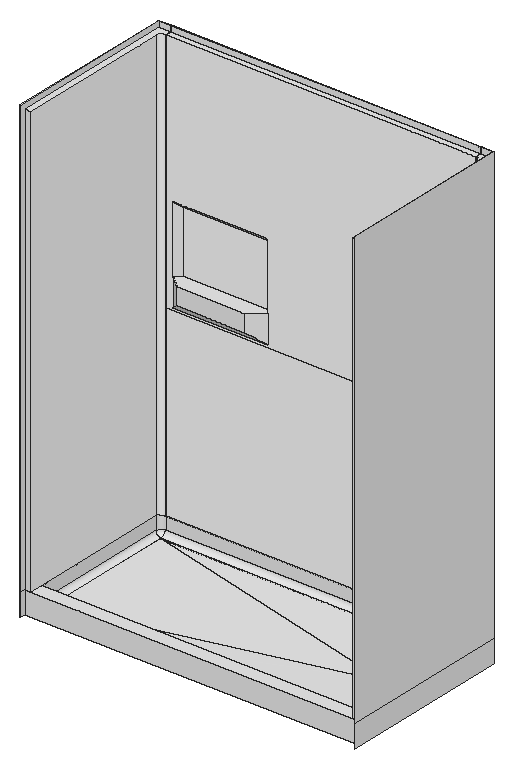
Revit family "5LDS6030L-R", category Plumbing Fixtures, Revit 2017
Family settings
  Round Connector Dimension = Use Diameter
  Part Type = Normal
  OmniClass Number = 23.45.05.14.17
  OmniClass Title = Showers
  Work Plane-Based = No
  Always vertical = Yes
  Cut with Voids When Loaded = No
  Shared = No
  Room Calculation Point = No
Parameters (values of type "5LDS6030L/R")
  Unit Width = 60"
  Unit Height = 82"
  Unit Depth = 31"
  URL = "http://www.bestbath.com/"
  Type Comments = "Remodeler"
  Model = "5LDS6030L/R"
  Material [instance] = Best Bath Gelcoat Fiberglass - Diamond Tile
  Manufacturer = "Best Bath Systems, Inc."
  Keynote = "22 40 00.B3"
  Description = "Diamond Tile Finish"
  Assembly Code = "D2010710"
Reference planes (in)
  plane 1 "Back": y = -0.5
  plane 2: z = 0
  plane 3 "Left": x = 0
  plane 4: x = 60
  plane 5: y = -30.5
  plane 6: z = 81
  plane 7: z = 0.75
  plane 8: z = 82
  plane 9: x = 51.5
  plane 10: y = -1.75
  plane 11: y = -14.5
  plane 12: z = 0.375
  plane 13: z = 4
  plane 14: z = 37.25
  plane 15: y = -31.5
  plane 16: z = 42.75
Forms (in)
  Extrusion 1, solid, material "Best Bath Gelcoat Fiberglass - Smooth"
    sketch origin (0, 0, 0) x (1, 0, 0) y (0, 1, 0)
      loop
        line (0, -0.5) -> (0, -30.5) -> (60, -30.5) -> (60, -0.5) -> (0, -0.5)
      loop
        circle (51.5, -14.5) r 1.5
    from 0 to 0.75
  Extrusion 2, solid, material "Best Bath Gelcoat Fiberglass - Smooth"
    sketch origin (0, 0, 0) x (1, 0, 0) y (0, 1, 0)
      loop
        line (2.25, -0.5) -> (2.25, -1.75) -> (57.75, -1.75) -> (57.75, -0.5) -> (2.25, -0.5)
    from 4 to 37.25
  Extrusion 3, solid, material "Best Bath Gelcoat Fiberglass - Smooth"
    sketch origin (0, 0, 0) x (1, 0, 0) y (0, 1, 0)
      loop
        line (0, -30.5) -> (1.25, -30.5) -> (1.25, -2.75)
        arc (1.25, -2.75) -> (1.54289, -2.04289) -> (2.25, -1.75) r 1
        line (2.25, -1.75) -> (57.75, -1.75)
        arc (57.75, -1.75) -> (58.45711, -2.04289) -> (58.75, -2.75) r 1
        line (58.75, -2.75) -> (58.75, -30.5) -> (60, -30.5) -> (60, -0.5) -> (0, -0.5) -> (0, -30.5)
    from 0 to 4
  Extrusion 4, solid, material "Best Bath Gelcoat Fiberglass - Smooth"
    sketch origin (0, 0, 0) x (1, 0, 0) y (0, 1, 0)
      loop
        line (0, -30.5) -> (1.25, -30.5) -> (1.25, -2.75)
        arc (1.25, -2.75) -> (1.54289, -2.04289) -> (2.25, -1.75) r 1
        line (2.25, -1.75) -> (2.25, -0.5) -> (0, -0.5) -> (0, -30.5)
      loop
        line (58.75, -30.5) -> (60, -30.5) -> (60, -0.5) -> (57.75, -0.5) -> (57.75, -1.75)
        arc (57.75, -1.75) -> (58.45711, -2.04289) -> (58.75, -2.75) r 1
        line (58.75, -2.75) -> (58.75, -30.5)
    from 4 to 81
  Sweep 5, solid, material "Best Bath Gelcoat Fiberglass - Smooth"
    path origin (0, 0, 0) x (1, 0, 0) y (0, 1, 0)
      loop
        line (1.25, -30.5) -> (1.25, -2.75)
        arc (1.25, -2.75) -> (1.54289, -2.04289) -> (2.25, -1.75) r 1
        line (2.25, -1.75) -> (57.75, -1.75)
        arc (57.75, -1.75) -> (58.45711, -2.04289) -> (58.75, -2.75) r 1
        line (58.75, -2.75) -> (58.75, -30.5)
    profile origin (1.25, -16.625, 0) x (-1, 0, 0) y (0, 0, 1)
      loop
        line (0, 0.75) -> (0, 1.7)
        arc (0, 1.7) -> (-0.27825, 1.02825) -> (-0.95, 0.75) r 0.95
        line (-0.95, 0.75) -> (0, 0.75)
  Blend 6, void
    base sketch origin (0, 0, 0) x (1, 0, 0) y (0, 1, 0)
      loop
        line (2.25, -27.5) -> (57.75, -27.5) -> (57.75, -2.75) -> (2.25, -2.75) -> (2.25, -27.5)
    top sketch origin (0, 0, 0) x (1, 0, 0) y (0, 1, 0)
      loop
        circle (51.5, -14.5) r 0.07155
    from 0.75 to 0.375
  Extrusion 7, solid, material "Best Bath Gelcoat Fiberglass - Smooth"
    sketch origin (0, 0, 0) x (1, 0, 0) y (0, 1, 0)
      loop
        line (2.25, -0.5) -> (2.25, -1.75) -> (57.75, -1.75) -> (57.75, -0.5) -> (2.25, -0.5)
    from 37.25 to 81
  Sweep 8, solid, material "Best Bath Gelcoat Fiberglass - Smooth"
    path origin (0, 0, 0) x (1, 0, 0) y (0, 1, 0)
      loop
        line (1.25, -30.5) -> (58.75, -30.5)
    profile origin (30, -30.5, 0) x (0, 1, 0) y (0, 0, 1)
      loop
        line (0, 0) -> (3.15, 0) -> (2.35, 4) -> (0, 4) -> (0, 0)
  Extrusion 9, solid, material "Best Bath Gelcoat Fiberglass - Smooth"
    sketch origin (0, 0, 0) x (1, 0, 0) y (0, 1, 0)
      loop
        line (0, -30.5) -> (0, -31.5) -> (0.125, -31.5) -> (0.125, -30.5) -> (0, -30.5)
      loop
        line (60, -30.5) -> (59.875, -30.5) -> (59.875, -31.5) -> (60, -31.5) -> (60, -30.5)
    from 0 to 4
  Extrusion 10, solid, material "Best Bath Gelcoat Fiberglass - Smooth"
    sketch origin (0, 0, 0) x (1, 0, 0) y (0, 1, 0)
      loop
        line (2.25, -0.5) -> (2.25, -0.625) -> (57.75, -0.625) -> (57.75, -0.5) -> (2.25, -0.5)
    from 81 to 82
  Extrusion 11, solid, material "Best Bath Gelcoat Fiberglass - Smooth"
    sketch origin (0, 0, 0) x (1, 0, 0) y (0, 1, 0)
      loop
        line (0, -31.5) -> (0.125, -31.5) -> (0.125, -0.625) -> (2.25, -0.625) -> (2.25, -0.5) -> (0, -0.5) -> (0, -31.5)
      loop
        line (60, -31.5) -> (60, -0.5) -> (57.75, -0.5) -> (57.75, -0.625) -> (59.875, -0.625) -> (59.875, -31.5) -> (60, -31.5)
    from 4 to 82
  Blend 12, solid, material "Best Bath Gelcoat Fiberglass - Smooth"
    base sketch origin (0.5, -38, 0.5) x (1, 0, 0) y (0, 0, 1)
      loop
        line (56, 42.25) -> (39, 42.25) -> (39, 37.25) -> (56, 37.25) -> (56, 42.25)
    top sketch origin (0.5, -38, 0.5) x (1, 0, 0) y (0, 0, 1)
      loop
        line (41.375, 42.25) -> (41.375, 39.25) -> (53.625, 39.25) -> (53.625, 42.25) -> (41.375, 42.25)
    from -36.25 to -34.25
  Blend 13, solid, material "Best Bath Gelcoat Fiberglass - Smooth"
    base sketch origin (-35.5, -38, 0.5) x (1, 0, 0) y (0, 0, 1)
      loop
        line (56, 42.25) -> (39, 42.25) -> (39, 37.25) -> (56, 37.25) -> (56, 42.25)
    top sketch origin (-35.5, -38, 0.5) x (1, 0, 0) y (0, 0, 1)
      loop
        line (41.375, 42.25) -> (41.375, 39.25) -> (53.625, 39.25) -> (53.625, 42.25) -> (41.375, 42.25)
    from -36.25 to -34.25
  Blend 14, void
    base sketch origin (0.5, -38.5, 0.5) x (1, 0, 0) y (0, 0, 1)
      loop
        line (39, 42.25) -> (56, 42.25) -> (56, 54.25) -> (39, 54.25) -> (39, 42.25)
    top sketch origin (0.5, -38.5, 0.5) x (1, 0, 0) y (0, 0, 1)
      loop
        line (40, 42.25) -> (55, 42.25) -> (55, 53.25) -> (40, 53.25) -> (40, 42.25)
    from -36.75 to -37.75
  Blend 15, void
    base sketch origin (-35.5, -38.5, 0.5) x (1, 0, 0) y (0, 0, 1)
      loop
        line (39, 42.25) -> (56, 42.25) -> (56, 54.25) -> (39, 54.25) -> (39, 42.25)
    top sketch origin (-35.5, -38.5, 0.5) x (1, 0, 0) y (0, 0, 1)
      loop
        line (40, 42.25) -> (55, 42.25) -> (55, 53.25) -> (40, 53.25) -> (40, 42.25)
    from -36.75 to -37.75
Cuts and joins
  Blend 6 cuts Extrusion 1
  Blend 6 cuts Extrusion 3
  Blend 6 cuts Sweep 5
  joined: Extrusion 1, Extrusion 3, Sweep 5, Sweep 8, Extrusion 9
  Blend 14, Blend 15 cuts Extrusion 7
  Blend 14, Blend 15 cuts Extrusion 10
  Blend 14 cuts Blend 12
  joined: Extrusion 7, Extrusion 10, Blend 12, Blend 13
  joined: Extrusion 4, Extrusion 11
Dimensions and locks (in)
  "Unit Width": plane 3 "Left" to plane 4
  locked: plane 7 to level at 0.75
  locked: plane 8 to plane 6 at 1
  "Unit Height": plane 8 to level
  plane 3 "Left" to plane 9 to plane 4 = 51 1/2", 8 1/2"
  plane 1 "Back" to plane 11 = 14"
  plane 10 to plane 1 "Back" = 1 1/4"
  locked: plane 7 to plane 12 at 0.375
  locked: plane 14 to plane 13 at 33.25
  plane 13 to level = 4"
  locked: plane 5 to plane 15 at 1
  "Unit Depth": plane 15 to plane 1 "Back"
  locked: plane 16 to plane 14 at 5.5
  aligned and locked: level to plane 2
  aligned and locked: Extrusion 1 to plane 7
  aligned and locked: plane 5 to Extrusion 1 sketch curve
  aligned and locked: plane 4 to Extrusion 1 sketch curve
  aligned and locked: Extrusion 2 sketch curve to Extrusion 1
  aligned and locked: Extrusion 2 sketch curve to plane 10
  aligned and locked: plane 11 to Extrusion 1 sketch curve
  aligned and locked: plane 9 to Extrusion 1 sketch curve
  aligned and locked: plane 13 to Extrusion 3
  aligned and locked: Extrusion 2 to plane 13
  aligned and locked: Extrusion 4 to Extrusion 2
  aligned and locked: plane 6 to Extrusion 4
  aligned and locked: Sweep 5 sketch curve to plane 7
  aligned and locked: plane 11 to Blend 6 sketch curve
  aligned and locked: plane 9 to Blend 6 sketch curve
  aligned and locked: Blend 6 to plane 12
  aligned and locked: Extrusion 1 to Blend 6
  aligned and locked: plane 14 to Extrusion 2
  aligned and locked: Extrusion 7 to Extrusion 2
  aligned and locked: plane 6 to Extrusion 7
  aligned and locked: Extrusion 9 to Extrusion 2
  aligned and locked: plane 8 to Extrusion 10
  aligned and locked: Extrusion 10 to plane 6
  aligned and locked: Extrusion 11 to Extrusion 2
  aligned and locked: plane 8 to Extrusion 11
  aligned and locked: plane 16 to Blend 12
  aligned and locked: plane 16 to Blend 13
  aligned and locked: cut or joined group of Extrusion 7, Extrusion 10, Blend 12, Blend 13, Blend 14, Blend 15 to plane 16  (x2)
Automatic sketch dimensions
  Extrusion 1 sketch curve to plane 3 "Left" = 0"
  plane 1 "Back" to Extrusion 1 sketch curve = 0"
  plane 3 "Left" to Extrusion 2 sketch curve = 2 1/4"
  plane 4 to Extrusion 2 sketch curve = 2 1/4"
  Extrusion 3 sketch curve to plane 3 "Left" = 0"
  Extrusion 3 sketch curve to plane 5 = 0"  (x2)
  Extrusion 3 sketch curve to plane 10 = 0"
  plane 1 "Back" to Extrusion 3 sketch curve = 0"
  Extrusion 3 sketch curve to plane 4 = 0"
  plane 3 "Left" to Extrusion 3 sketch curve = 1 1/4"
  Extrusion 3 sketch curve to plane 10 = 1"
  plane 4 to Extrusion 3 sketch curve = 2 1/4"
  plane 4 to Extrusion 3 sketch curve = 1 1/4"
  Extrusion 4 sketch curve to plane 3 "Left" = 0"
  Extrusion 4 sketch curve to plane 5 = 0"  (x2)
  Extrusion 4 sketch curve to plane 10 = 0"  (x2)
  plane 1 "Back" to Extrusion 4 sketch curve = 0"  (x2)
  Extrusion 4 sketch curve to plane 4 = 0"
  plane 3 "Left" to Extrusion 4 sketch curve = 1 1/4"
  Extrusion 4 sketch curve to plane 10 = 1"  (x2)
  Extrusion 4 sketch curve to Extrusion 4 sketch curve = 2 1/4"
  Sweep 5 sketch curve to profile plane = 0"
  Sweep 5 sketch curve to Sweep 5 sketch curve = 0.95"
  plane 3 "Left" to Blend 6 sketch curve = 2 1/4"
  plane 4 to Blend 6 sketch curve = 2 1/4"
  plane 5 to Blend 6 sketch curve = 3"
  Blend 6 sketch curve to plane 10 = 1"
  plane 1 "Back" to Extrusion 7 sketch curve = 0"
  Extrusion 7 sketch curve to plane 10 = 0"
  plane 3 "Left" to Extrusion 7 sketch curve = 2 1/4"
  plane 4 to Extrusion 7 sketch curve = 2 1/4"
  Sweep 8 sketch curve to plane 5 = 0"
  plane 3 "Left" to Sweep 8 sketch curve = 1 1/4"
  plane 4 to Sweep 8 sketch curve = 1 1/4"
  Extrusion 9 sketch curve to plane 3 "Left" = 0"
  Extrusion 9 sketch curve to plane 15 = 0"  (x2)
  Extrusion 9 sketch curve to plane 5 = 0"  (x2)
  Extrusion 9 sketch curve to plane 4 = 0"
  plane 3 "Left" to Extrusion 9 sketch curve = 1/8"
  Extrusion 9 sketch curve to Extrusion 9 sketch curve = 1/8"
  plane 1 "Back" to Extrusion 10 sketch curve = 0"
  plane 1 "Back" to Extrusion 10 sketch curve = 1/8"
  plane 3 "Left" to Extrusion 10 sketch curve = 2 1/4"
  plane 4 to Extrusion 10 sketch curve = 2 1/4"
  Extrusion 11 sketch curve to plane 3 "Left" = 0"
  Extrusion 11 sketch curve to plane 15 = 0"  (x2)
  plane 1 "Back" to Extrusion 11 sketch curve = 0"  (x2)
  Extrusion 11 sketch curve to plane 4 = 0"
  plane 3 "Left" to Extrusion 11 sketch curve = 1/8"
  plane 1 "Back" to Extrusion 11 sketch curve = 1/8"  (x2)
  Extrusion 11 sketch curve to Extrusion 11 sketch curve = 2 1/8"
  Extrusion 11 sketch curve to Extrusion 11 sketch curve = 2 1/4"
  Extrusion 11 sketch curve to Extrusion 11 sketch curve = 1/8"
  Blend 12 sketch curve to plane 16 = 0"  (x2)
  plane 9 to Blend 12 sketch curve = 12"
  plane 14 to Blend 12 sketch curve = 1/2"
  plane 4 to Blend 12 sketch curve = 3 1/2"
  plane 14 to Blend 12 sketch curve = 2 1/2"
  plane 9 to Blend 12 sketch curve = 9 5/8"
  Blend 12 sketch curve to plane 9 = 2 5/8"
  Blend 13 sketch curve to plane 16 = 0"  (x2)
  plane 3 "Left" to Blend 13 sketch curve = 3 1/2"
  plane 14 to Blend 13 sketch curve = 1/2"
  Blend 13 sketch curve to Blend 13 sketch curve = 17"
  plane 14 to Blend 13 sketch curve = 2 1/2"
  plane 3 "Left" to Blend 13 sketch curve = 5 7/8"
  Blend 13 sketch curve to Blend 13 sketch curve = 12 1/4"
  Blend 14 sketch curve to plane 16 = 0"  (x2)
  plane 9 to Blend 14 sketch curve = 12"
  plane 4 to Blend 14 sketch curve = 3 1/2"
  Blend 14 sketch curve to Blend 14 sketch curve = 12"
  plane 9 to Blend 14 sketch curve = 11"
  Blend 14 sketch curve to plane 9 = 4"
  Blend 14 sketch curve to Blend 14 sketch curve = 11"
  plane 3 "Left" to Blend 15 sketch curve = 3 1/2"
  Blend 15 sketch curve to Blend 15 sketch curve = 17"
  plane 16 to Blend 15 sketch curve = 0"  (x2)
  Blend 15 sketch curve to Blend 15 sketch curve = 12"
  plane 3 "Left" to Blend 15 sketch curve = 4 1/2"
  Blend 15 sketch curve to Blend 15 sketch curve = 15"
  Blend 15 sketch curve to Blend 15 sketch curve = 11"
  Sweep 5 sketch curve to plane 5 = 0"  (x2)
  Sweep 5 sketch curve to plane 10 = 0"
  plane 3 "Left" to Sweep 5 sketch curve = 1 1/4"
  Sweep 5 sketch curve to Sweep 5 sketch curve = 1"
  Sweep 5 sketch curve to plane 10 = 1"
  plane 4 to Sweep 5 sketch curve = 2 1/4"
  Sweep 8 sketch curve to profile plane = 0"
  Sweep 8 sketch curve to level = 0"
  Sweep 8 sketch curve to profile plane = 2.35"
  Sweep 8 sketch curve to profile plane = 3.15"
  level to Sweep 8 sketch curve = 4"
  radius of Extrusion 1 sketch curve = 1 1/2"
  radius of Blend 6 sketch curve = 0.07155"
